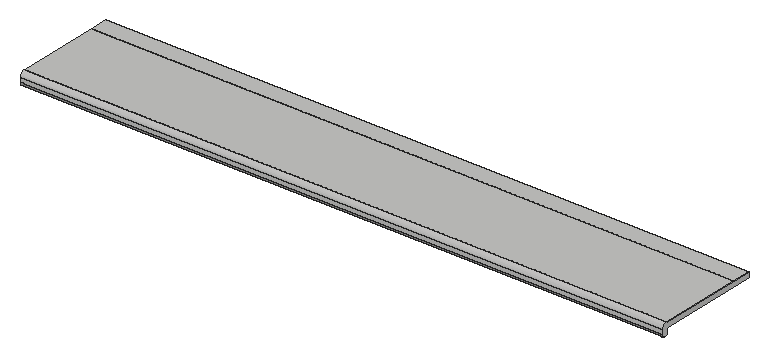
Revit family "Stair_Tread-Wooster-Cast_Nosings_Thresholds-101SP", category Specialty Equipment, host Face, Revit 2017
Family settings
  Host = Face
  Round Connector Dimension = Use Diameter
  Part Type = Normal
  OmniClass Number = 23.30.70.21.11.11.11
  OmniClass Title = Stair Nosings
  Cut with Voids When Loaded = No
  Shared = No
  Room Calculation Point = No
Parameters (values of type "101SP-6")
  Wing Type Anchor = no
  Width = 0' - 6"
  Version = "2017 - v2.0a"  # constant formula
  URL = "http://www.wooster-products.com/"
  Support Phone = "(224) 699-9545"  # constant formula
  Support Email = "mailto:support@anguleris.com"
  Safety Tread [instance] = Filler - Wooster - Grey - Cast Tread
  Product Page URL = "http://www.woosterproducts.com/products/alumogrit-ferrogrit/cast-nosings/"
  Product Name = "Abrasive Cast Nosings"  # constant formula
  Product Documentation Link = "http://www.woosterproducts.com/spec/101SP.pdf"
  Model = "101SP-6"
  Material = ""
  Manufacturer Phone Number = "1-800-321-4936 or 330-264-2844"  # constant formula
  Manufacturer Fax Number = "330-262-4151"  # constant formula
  Manufacturer Email = "mailto:tim@wooster-products.com"
  Manufacturer Address = "1000 Spruce Street, P.O. BOX 6005, Wooster, OH. 44691"  # constant formula
  Manufacturer = "Wooster Productions Inc"  # constant formula
  Length Constraint [instance] = if(Length > 8' 6", 8' 6", Length)  # 3' - 0"
  Length [instance] = 3' - 0"
  Feature Strip = if(Width < 0' 5", 0' 0 1/2", if(Width = 0' 6", 0' 1", 0' 0 1/2"))  # 0' - 1"
  Description = "Anti-Slip Stair Nosing"  # constant formula
  Depth = 0' - 0 5/16"  # constant formula
  Default Elevation = 0' - 0"  # constant formula
  Copyright = "Wooster Products Inc. 2019"  # constant formula
  Construction Type = "New Construction"  # constant formula
  Concealed Integral Anchor = yes
  Anchor Array [instance] = rounddown(Length / 1' 0")  # 3
Types (4): name | Width | Model | Feature Strip
  (no name) | 0' - 3" | "101SP-3" | 0' - 0 1/2"
  101SP-3 | 0' - 3" | "101SP-3" | 0' - 0 1/2"
  101SP-4 | 0' - 4" | "101SP-4" | 0' - 0 1/2"
  101SP-6 | 0' - 6" | "101SP-6" | 0' - 1"
Values of the unnamed type that differ from the named types
  Support Email = ""
  Product Page URL = "http://www.wooster-products.com/Cast_Nosings_Thresholds.html"
  Product Documentation Link = "http://wooster-products.com/pub/Specs/101SP.pdf"
  Manufacturer Email = ""
Reference planes (in)
  plane 1 "Center (Front/Back)": y = 0
  plane 2: z = 0
  plane 3 "Center (Left/Right)": x = 0
  plane 4 "Left": x = -18
  plane 5 "Right": x = 18
  plane 6 "Back": y = 3
  plane 7 "Front": y = -3
  plane 8 "Bottom": z = -0.29687
  plane 9: y = 2
  plane 10: x = -15
  plane 11: x = 15
  plane 12: z = -0.04687
  plane 13: z = 0.01563
Forms (in)
  Extrusion 1, solid, material "Filler - Wooster - Concrete"
    sketch origin (0, 0, 0) x (0, 1, 0) y (0, 0, 1)
      loop
        line (3, -0.04687) -> (-2.6875, -0.04687) -> (-2.6875, 0.01521)
        arc (-2.6875, 0.01521) -> (-2.90745, -0.06587) -> (-3, -0.28125) r 0.29688
        line (-3, -0.28125) -> (-3, -0.5)
        arc (-3, -0.5) -> (-2.94966, -0.62153) -> (-2.82813, -0.67187) r 0.17187
        line (-2.82813, -0.67187) -> (-2.69371, -0.67187) -> (-2.69371, -0.37275)
        arc (-2.69371, -0.37275) -> (-2.64192, -0.31733) -> (-2.56888, -0.29687) r 0.14063
        line (-2.56888, -0.29687) -> (3, -0.29687) -> (3, -0.04687)
    from -18 to 18
  Extrusion 2, solid, material "Filler - Wooster - Grey - Cast Tread" <- "Safety Tread"
    sketch origin (0, 0, 0) x (0, 1, 0) y (0, 0, 1)
      loop
        line (2, 0.01563) -> (-2.6875, 0.01563) -> (-2.6875, -0.04687) -> (2, -0.04687) -> (2, 0.01563)
    from -18 to 18
  Extrusion 3, solid, material "Filler - Wooster - Concrete"
    sketch origin (0, 0, 0) x (0, 1, 0) y (0, 0, 1)
      loop
        line (3, 0.01563) -> (2, 0.01563) -> (2, -0.04687) -> (3, -0.04687) -> (3, 0.01563)
    from -18 to 18
  Extrusion 4, void
    sketch origin (0, 0, 0) x (0, 1, 0) y (0, 0, 1)
      loop
        line (3, -0.04687) -> (-2.6875, -0.04687) -> (-2.6875, 0.01563) -> (-3, 0.01563) -> (-3, -0.67187) -> (-2.69371, -0.67187) -> (-2.69371, -0.37275)
        arc (-2.69371, -0.37275) -> (-2.64192, -0.31733) -> (-2.56888, -0.29687) r 0.14063
        line (-2.56888, -0.29687) -> (3, -0.29687) -> (3, -0.04687)
    from -18 to 18
Lines and regions (in)
  Masking region 1
    outline origin (0, 0, 0) x (1, 0, 0) y (0, 1, 0)
      loop
        line (-18, 2.9995) -> (-18, -3) -> (18, -3) -> (18, 2.9995) -> (-18, 2.9995)
Dimensions and locks (in)
  equal spacing: plane 4 "Left", plane 3 "Center (Left/Right)", plane 5 "Right"
  "Length Constraint": plane 4 "Left" to plane 5 "Right"
  equal spacing: plane 7 "Front", plane 1 "Center (Front/Back)", plane 6 "Back"
  "Width": plane 7 "Front" to plane 6 "Back"
  "Feature Strip": plane 6 "Back" to plane 9
  locked: Extrusion 2 sketch curve to plane 7 "Front" at 0.3125
  locked: plane 10 to plane 4 "Left" at 3
  locked: plane 5 "Right" to plane 11 at 3
  equal spacing: group 1, group 3, group 2  (x2)
  equal spacing: group 2, group 3, group 1
  equal spacing: group 4, group 6, group 5  (x2)
  equal spacing: group 5, group 6, group 4
  locked: plane 13 to plane 12 at 0.0625
  "Depth": plane 13 to plane 8 "Bottom"
  Extrusion 1 sketch curve to Extrusion 1 sketch curve to Extrusion 1 sketch curve to Extrusion 1 sketch curve to Extrusion 1 sketch curve to plane 7 "Front" = 0' - 0.11862" locked, 0' - 0.00621" locked, 0' - 0.00942" locked, 0' - 0 1/8" locked, 0' - 0 11/64" locked
  plane 13 to Extrusion 1 sketch curve to Extrusion 1 sketch curve to Extrusion 1 sketch curve to Extrusion 1 sketch curve = 0' - 0 19/64" locked, 0' - 0 5/32" locked, 0' - 0 1/16" locked, 0' - 0 11/64" locked
  plane 13 to Extrusion 4 sketch curve to Extrusion 4 sketch curve = 0' - 0 29/64" locked, 0' - 0 15/64" locked
  Extrusion 4 sketch curve to Extrusion 4 sketch curve to Extrusion 4 sketch curve to plane 7 "Front" = 0' - 0.11862" locked, 0' - 0.00621" locked, 0' - 0.30629" locked
  aligned and locked: plane 2 to host face
  aligned and locked: level to host face
  aligned and locked: Extrusion 1 sketch curve to plane 8 "Bottom"
  aligned and locked: Extrusion 1 to plane 4 "Left"
  aligned and locked: Extrusion 1 to plane 5 "Right"
  aligned and locked: plane 6 "Back" to Extrusion 1 sketch curve
  aligned and locked: plane 6 "Back" to Extrusion 3 sketch curve
  aligned and locked: Extrusion 3 to plane 4 "Left"
  aligned and locked: Extrusion 2 to plane 4 "Left"
  aligned and locked: Extrusion 3 to plane 5 "Right"
  aligned and locked: Extrusion 2 to plane 5 "Right"
  aligned and locked: plane 1 "Center (Front/Back)" to nested 2
  aligned and locked: plane 8 "Bottom" to nested 2
  aligned and locked: plane 10 to nested 2
  aligned and locked: plane 11 to nested 3
  aligned and locked: plane 8 "Bottom" to nested 1
  aligned and locked: plane 1 "Center (Front/Back)" to nested 1
  aligned and locked: plane 10 to nested 1
  aligned and locked: plane 11 to nested 5
  aligned and locked: Extrusion 2 sketch curve to plane 12
  aligned and locked: plane 12 to Extrusion 3 sketch curve
  aligned and locked: Extrusion 1 sketch curve to plane 12
  aligned and locked: Extrusion 3 sketch curve to plane 13
  aligned and locked: Extrusion 2 sketch curve to plane 13
  aligned and locked: Extrusion 4 sketch curve to plane 13
  aligned and locked: plane 7 "Front" to Extrusion 4 sketch curve
Automatic sketch dimensions
  host sketch curve to host sketch curve = 8' - 0"
  host sketch curve to host sketch curve = 4' - 0"
  Masking region 1 sketch curve to plane 4 "Left" = 0' - 0"
  Masking region 1 sketch curve to plane 5 "Right" = 0' - 0"
  plane 7 "Front" to Masking region 1 sketch curve = 0' - 0"
  Masking region 1 sketch curve to plane 6 "Back" = 0' - 0.0005"
  Extrusion 2 sketch curve to plane 9 = 0' - 0"
  Extrusion 3 sketch curve to plane 9 = 0' - 0"
  Extrusion 4 sketch curve to plane 12 = 0' - 0"
  Extrusion 4 sketch curve to plane 8 "Bottom" = 0' - 0"
  Extrusion 4 sketch curve to plane 6 "Back" = 0' - 0"
Nested families (in)
  nested 1: "Wing Type Anchor" at (-15, 0, -1.42187), visible <- "Wing Type Anchor", type "Wing Type Anchor"
  nested 2: "Concealed Integral Anchor" at (-15, 0, -1.42187), visible <- "Concealed Integral Anchor", type "Concealed Integral Anchor"
  nested 3: "Concealed Integral Anchor" at (15, 0, -1.4375), visible <- "Concealed Integral Anchor", type "Concealed Integral Anchor"
  nested 4: "Concealed Integral Anchor" at (0, 0, -1.42969), visible <- "Concealed Integral Anchor", type "Concealed Integral Anchor"
  nested 5: "Wing Type Anchor" at (15, 0, -1.4375), visible <- "Wing Type Anchor", type "Wing Type Anchor"
  nested 6: "Wing Type Anchor" at (0, 0, -1.42969), visible <- "Wing Type Anchor", type "Wing Type Anchor"
Definition of nested family "Wing Type Anchor"
  Parameters
    Width = 5' - 0"
    Depth = 0' - 1 1/8"
    Anchor Array = rounddown(Width / 1' 0")  # 5
    Anchor = none
  Reference planes (in)
    plane 1 "Center (Front/Back)": y = 0
    plane 2 "Back": z = 0
    plane 3 "Center (Left/Right)": x = 0
    plane 4 "Front": z = 1.125
    plane 5: y = -0.1875
    plane 6: y = 0.1875
  Forms (in)
    Revolve 1, solid, material <- "Anchor"
      sketch origin (-16.32105, 0, -0.02396) x (1, 0, 0) y (0, 0, 1)
        loop
          line (16.32105, 1.03317) -> (16.32105, 0.57452) -> (16.45362, 0.57452) -> (16.45362, 0.78317) -> (16.65687, 0.78317) -> (16.65687, 1.03317) -> (16.32105, 1.03317)
        axis (16.32105, 1.03317) -> (16.32105, 0.57452)
      angle from 0 to 360
    Extrusion 2, solid, material <- "Anchor"
      sketch origin (0, 0, 0) x (1, 0, 0) y (0, 0, 1)
        loop
          arc (-1.02433, 0.09593) -> (-1.0222, 0.00957) -> (-0.93584, 0.00744) r 0.06265
          arc (-0.93584, 0.00744) -> (-0.6165, 0.47356) -> (-0.43668, 1.00921) r 2.04788
          line (-0.43668, 1.00921) -> (0, 1.00921) -> (0.43668, 1.00921)
          arc (0.43668, 1.00921) -> (0.6165, 0.47356) -> (0.93584, 0.00744) r 2.04788
          arc (0.93584, 0.00744) -> (1.0222, 0.00957) -> (1.02433, 0.09593) r 0.06265
          arc (1.02433, 0.09593) -> (0.70671, 0.57424) -> (0.54447, 1.125) r 1.92288
          line (0.54447, 1.125) -> (0, 1.125) -> (-0.54447, 1.125)
          arc (-0.54447, 1.125) -> (-0.70671, 0.57424) -> (-1.02433, 0.09593) r 1.92288
      from -0.1875 to 0.1875
  Dimensions and locks (in)
    "Depth": plane 2 "Back" to plane 4 "Front"
    plane 1 "Center (Front/Back)" to plane 5 = 0' - 0 3/16"
    aligned and locked: plane 2 "Back" to level
  Automatic sketch dimensions
    Revolve 1 sketch curve to plane 3 "Center (Left/Right)" = 0' - 0"  (x2)
    Revolve 1 sketch curve to Revolve 1 sketch curve = 0' - 0.13258"
    Revolve 1 sketch curve to plane 4 "Front" = 0' - 0.11579"
    Revolve 1 sketch curve to Revolve 1 sketch curve = 0' - 0.20324"
    Revolve 1 sketch curve to Revolve 1 sketch curve = 0' - 0 1/4"
    Revolve 1 sketch curve to Revolve 1 sketch curve = 0' - 0.20865"
    Revolve 1 sketch curve to level = 0' - 0.52333"
    plane 4 "Front" to Revolve 1 sketch curve = 0' - 0.60167"
    Extrusion 2 sketch curve to Extrusion 2 sketch curve = 0' - 0"  (x6)
    Extrusion 2 sketch curve to plane 4 "Front" = 0' - 0"
    Extrusion 2 sketch curve to plane 3 "Center (Left/Right)" = 0' - 0"  (x2)
    Extrusion 2 sketch curve to plane 4 "Front" = 0' - 0.11579"
    Extrusion 2 sketch curve to plane 3 "Center (Left/Right)" = 0' - 0.43668"
    Extrusion 2 sketch curve to Extrusion 2 sketch curve = 0' - 0.10779"  (x2)
    level to Extrusion 2 sketch curve = 0' - 0.00744"  (x2)
    Extrusion 2 sketch curve to plane 3 "Center (Left/Right)" = 0' - 0.93584"
    Extrusion 2 sketch curve to Extrusion 2 sketch curve = 0' - 0.04206"  (x2)
    Extrusion 2 sketch curve to Extrusion 2 sketch curve = 0' - 0.04643"  (x2)
    Extrusion 2 sketch curve to Extrusion 2 sketch curve = 0' - 0.43668"
    plane 3 "Center (Left/Right)" to Extrusion 2 sketch curve = 0' - 0.93584"
Definition of nested family "Concealed Integral Anchor"
  Parameters
    Width = 5' - 0"
    Depth = 0' - 1 1/8"
    Anchor Array = rounddown(Width / 1' 0")  # 5
    Anchor = none
  Reference planes (in)
    plane 1 "Center (Front/Back)": y = 0
    plane 2 "Back": z = 0
    plane 3 "Center (Left/Right)": x = 0
    plane 4 "Front": z = 1.125
  Forms (in)
    Revolve 1, solid, material <- "Anchor"
      sketch origin (-16.32105, 0, -0.02396) x (1, 0, 0) y (0, 0, 1)
        loop
          line (16.32105, 1.14896) -> (16.32105, 0.02396)
          arc (16.32105, 0.02396) -> (16.45942, 0.05514) -> (16.57105, 0.14264) r 0.32266
          line (16.57105, 0.14264) -> (16.45362, 0.14264) -> (16.45362, 0.85238) -> (16.57105, 0.85238) -> (16.57105, 1.14896) -> (16.32105, 1.14896)
        axis (16.32105, 1.14896) -> (16.32105, 0.02396)
      angle from 0 to 360
  Dimensions and locks (in)
    "Depth": plane 2 "Back" to plane 4 "Front"
    aligned and locked: plane 2 "Back" to level
  Automatic sketch dimensions
    Revolve 1 sketch curve to Revolve 1 sketch curve = 0' - 0"
    Revolve 1 sketch curve to Revolve 1 sketch curve = 0' - 0.13258"
    Revolve 1 sketch curve to Revolve 1 sketch curve = 0' - 0.11742"  (x2)
    Revolve 1 sketch curve to Revolve 1 sketch curve = 0' - 0.20398"
    Revolve 1 sketch curve to Revolve 1 sketch curve = 0' - 0.60167"
    Revolve 1 sketch curve to Revolve 1 sketch curve = 0' - 0.52333"
    Revolve 1 sketch curve to Revolve 1 sketch curve = 0' - 0.50576"
    Revolve 1 sketch curve to Revolve 1 sketch curve = 0' - 0.29658"
    Revolve 1 sketch curve to plane 4 "Front" = 0' - 0"
    Revolve 1 sketch curve to plane 3 "Center (Left/Right)" = 0' - 0"
